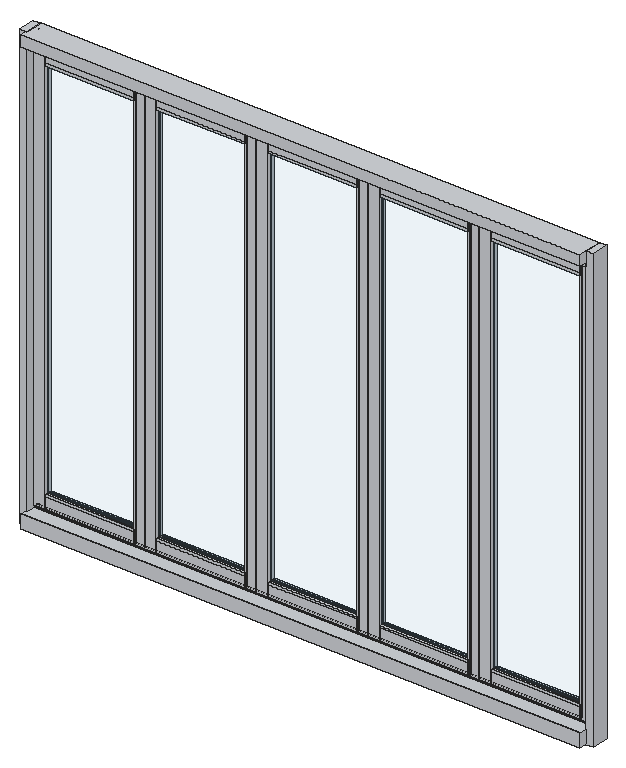
Revit family "MT-HB_BIFOLD DOOR_XXXXX", category Doors, host Wall, Revit 2017 (continued)
Definition of nested family "DETAIL_HB_DETAIL 7"
  Lines and regions (mm)
    model lines, in view "Ref. Level"
      curve 447: line (42.559, 37.45, 0) -> (44.006, 30.641, 0)
      curve 448: line (19.553, 37.45, 0) -> (18.106, 30.641, 0)
      curve 449: line (34.856, 21.45, 0) -> (34.856, 9.403, 0)
      curve 450: line (34.856, -10.897, 0) -> (34.856, -16.98, 0)
      curve 451: line (27.256, -16.98, 0) -> (27.256, -10.897, 0)
      curve 452: line (35.031, 9.352, 0) -> (27.256, 9.403, 0)
      curve 453: line (27.256, 9.403, 0) -> (27.256, 21.45, 0)
      curve 454: line (32.032, -10.748, 0) -> (31.813, -12.628, 0)
      curve 455: line (31.813, -12.628, 0) -> (31.994, -12.624, 0)
      curve 456: line (31.994, -12.624, 0) -> (32.212, -10.748, 0)
      curve 457: line (32.05, 21.752, 0) -> (32.05, 9.372, 0)
      curve 458: line (32.22, 21.752, 0) -> (32.22, 9.371, 0)
      curve 459: line (30.118, -12.624, 0) -> (30.299, -12.628, 0)
      curve 460: line (30.299, -12.628, 0) -> (31.813, -12.628, 0)
      curve 461: line (31.813, -12.628, 0) -> (31.63, -12.624, 0)
      curve 462: line (31.63, -12.624, 0) -> (28.924, -12.587, 0)
      curve 463: line (28.811, -12.587, 0) -> (30.118, -12.624, 0)
      curve 464: line (38.812, -10.897, 0) -> (33.922, -10.748, 0)
      curve 465: line (33.922, -10.748, 0) -> (33.308, -12.587, 0)
      curve 466: line (33.308, -12.587, 0) -> (31.994, -12.624, 0)
      curve 467: line (23.403, 31.51, 0) -> (27.535, 31.51, 0)
      curve 468: line (27.535, 31.51, 0) -> (27.535, 31.309, 0)
      curve 469: line (32.214, 31.51, 0) -> (32.781, 31.51, 0)
      curve 470: line (38.33, 9.403, 0) -> (33.969, 9.352, 0)
      curve 471: line (33.969, 9.352, 0) -> (33.969, 21.752, 0)
      curve 472: line (28.259, 21.752, 0) -> (28.259, 9.352, 0)
      curve 473: line (28.259, 9.352, 0) -> (28.142, 21.752, 0)
      curve 474: line (31.879, 9.352, 0) -> (31.879, 21.752, 0)
      curve 475: line (28.31, -10.748, 0) -> (28.924, -12.587, 0)
      curve 476: line (28.924, -12.587, 0) -> (28.197, -10.748, 0)
      curve 477: line (28.197, -10.748, 0) -> (23.35, -10.897, 0)
      curve 478: line (31.63, -12.624, 0) -> (31.849, -10.748, 0)
      curve 479: line (34.577, 31.309, 0) -> (34.577, 31.546, 0)
      curve 480: line (22.348, 36.69, 0) -> (21.666, 31.834, 0)
      curve 481: line (35.887, 36.506, 0) -> (36.536, 31.883, 0)
      curve 482: line (42.474, -39.499, 0) -> (44.68, -50.436, 0)
      curve 483: line (142.598, -63.901, 0) -> (144.21, -59.474, 0)
      curve 484: line (35.072, -22.85, 0) -> (38.023, -22.85, 0)
      curve 485: line (24.088, -22.85, 0) -> (27.039, -22.85, 0)
      curve 486: line (42.32, -39.248, 0) -> (42.005, -39.248, 0)
      curve 487: line (42.005, -39.248, 0) -> (20.111, -39.248, 0)
      curve 488: line (20.111, -39.248, 0) -> (19.911, -39.248, 0)
      curve 489: line (19.911, -39.248, 0) -> (19.76, -39.394, 0)
      curve 490: line (19.757, -39.499, 0) -> (30.627, -62.485, 0)
      curve 491: line (31.605, -39.499, 0) -> (31.251, -39.499, 0)
      curve 492: line (38.236, -22.938, 0) -> (38.546, -23.248, 0)
      curve 493: line (23.875, -22.938, 0) -> (23.565, -23.248, 0)
      curve 494: line (42.474, 38.099, 0) -> (44.68, 49.037, 0)
      curve 495: line (142.598, 62.502, 0) -> (144.21, 58.075, 0)
      curve 496: line (38.023, 21.45, 0) -> (33.969, 21.45, 0)
      curve 497: line (28.145, 21.45, 0) -> (24.088, 21.45, 0)
      curve 498: line (25.316, 37.848, 0) -> (20.045, 37.848, 0)
      curve 499: line (19.911, 37.848, 0) -> (19.76, 37.994, 0)
      curve 500: line (19.757, 38.099, 0) -> (30.627, 61.085, 0)
      curve 501: line (42.32, 37.848, 0) -> (42.07, 37.848, 0)
      curve 502: line (42.07, 37.848, 0) -> (32.722, 37.848, 0)
      curve 503: line (31.36, 38.099, 0) -> (31.605, 38.099, 0)
      curve 504: line (38.236, 21.539, 0) -> (38.45, 21.752, 0)
      curve 505: line (23.875, 21.539, 0) -> (23.661, 21.752, 0)
      curve 506: line (3.592, 9.252, 0) -> (5.081, 9.252, 0)
      curve 507: line (5.081, 9.252, 0) -> (43.579, 9.252, 0)
      curve 508: line (43.579, 9.252, 0) -> (45.829, 9.252, 0)
      curve 509: line (5.508, -9.175, 0) -> (4.581, -8.155, 0)
      curve 510: line (4.581, -8.248, 0) -> (4.581, 8.752, 0)
      curve 511: line (4.581, 8.752, 0) -> (4.556, -8.998, 0)
      curve 512: line (46.079, 9, 0) -> (45.921, -9, 0)
      curve 513: line (26.598, -8.765, 0) -> (26.072, 6.287, 0)
      curve 514: line (13.12, 6.287, 0) -> (12.594, -8.765, 0)
      curve 515: line (40.113, -10.748, 0) -> (40.137, -11.848, 0)
      curve 516: line (40.137, -11.848, 0) -> (41.747, -11.848, 0)
      curve 517: line (41.747, -11.848, 0) -> (44.634, -11.848, 0)
      curve 518: line (44.634, -11.848, 0) -> (45.164, -11.848, 0)
      curve 519: line (45.164, -11.848, 0) -> (45.188, -10.748, 0)
      curve 520: line (7.653, -10.748, 0) -> (7.677, -11.848, 0)
      curve 521: line (7.677, -11.848, 0) -> (9.037, -11.848, 0)
      curve 522: line (9.037, -11.848, 0) -> (11.924, -11.848, 0)
      curve 523: line (11.924, -11.848, 0) -> (11.948, -10.748, 0)
      curve 524: line (25.073, 7.252, 0) -> (14.119, 7.252, 0)
      curve 525: line (24.581, -10.897, 0) -> (24.581, -11.448, 0)
      curve 526: line (24.581, -11.448, 0) -> (25.704, -11.448, 0)
      curve 527: line (25.707, -11.648, 0) -> (27.256, -11.648, 0)
      curve 528: line (26.16, 3.752, 0) -> (25.99, 3.752, 0)
      curve 529: line (25.99, 3.752, 0) -> (26.162, 3.703, 0)
      curve 530: line (25.853, 6.471, 0) -> (25.846, 6.886, 0)
      curve 531: line (9.037, -11.848, 0) -> (9.013, -10.748, 0)
      curve 532: line (41.747, -11.848, 0) -> (41.723, -10.748, 0)
      curve 533: line (44.634, -11.848, 0) -> (44.658, -10.748, 0)
      curve 534: line (13.307, 6.187, 0) -> (12.835, -7.337, 0)
      curve 535: line (12.831, -7.448, 0) -> (12.924, -8.783, 0)
      curve 536: line (46.056, -8.748, 0) -> (46.056, -5.248, 0)
      curve 537: line (45.954, -5.248, 0) -> (46.056, -2.748, 0)
      curve 538: line (4.806, -10.748, 0) -> (43.556, -10.748, 0)
      curve 539: line (43.556, -10.748, 0) -> (46.056, -10.748, 0)
      curve 540: line (46.056, -10.748, 0) -> (46.056, -9.248, 0)
      curve 541: line (46.056, -9.248, 0) -> (43.556, -9.248, 0)
      curve 542: line (43.556, -9.248, 0) -> (4.806, -9.248, 0)
      curve 543: line (3.056, 8.752, 0) -> (4.556, 8.752, 0)
      curve 544: line (-0.101, 5.647, 0) -> (1.056, 5.672, 0)
      curve 545: line (1.056, -7.268, 0) -> (-9.42, -7.039, 0)
      curve 546: line (-9.665, -6.789, 0) -> (-9.665, -5.298, 0)
      curve 547: line (-9.46, -4.801, 0) -> (-10.15, -4.807, 0)
      curve 548: line (26.309, -0.497, 0) -> (26.138, -0.497, 0)
      curve 549: line (26.138, -0.497, 0) -> (26.309, -0.497, 0)
      curve 550: line (28.142, 9.403, 0) -> (23.831, 9.403, 0)
      curve 551: line (26.473, -5.197, 0) -> (26.302, -5.197, 0)
      curve 552: line (15.25, -11.009, 0) -> (16.932, -11.068, 0)
      curve 553: line (16.932, -11.068, 0) -> (18.614, -11.009, 0)
      curve 554: line (3.056, -12.748, 0) -> (3.056, 11.252, 0)
      curve 555: line (3.056, 11.252, 0) -> (1.056, 11.252, 0)
      curve 556: line (1.056, 11.252, 0) -> (1.056, -12.748, 0)
      curve 557: line (1.056, -12.748, 0) -> (3.056, -12.748, 0)
      curve 558: line (26.131, -7.448, 0) -> (13.081, -7.448, 0)
      curve 559: line (25.905, 6.187, 0) -> (26.381, -7.448, 0)
      curve 560: line (26.381, -7.448, 0) -> (26.287, -8.783, 0)
      curve 561: line (4.674, -8.783, 0) -> (4.641, -8.308, 0)
      curve 562: line (14.306, 7.152, 0) -> (24.905, 7.152, 0)
      curve 563: line (26.381, -7.448, 0) -> (26.131, -7.448, 0)
Types (4, lengths in mm): name | TOP PANEL POSITION | TOLERANCE | Rough Width | Rough Height | PANEL HEIGHT | OVERALL FRAME HEIGHT | Height | FRAME THICKNESS | DOUBLE GLAZED | DETAIL_DEPTH SILL | BOT PANEL POSITION | AIR POCKET | 5L/5R | 4L1R/1L4R | 3L2R/2L3R | 150mm FRAME THICKNESS | 101.6mm FRAME THICKNESS
  4L1R/1L4R | 1890.8 | 0 | 3500 | 2100 | 1906.8 | 2100 | 2100 | 76 | yes | 150 | 94.9 | 8 | no | yes | no | yes | no
  3L1R/1L3R | 2490.8 | 50 | 3600 | 2800 | 2506.8 | 2700 | 2700 | 76 | no | 150 | 94.9 | 8 | no | no | yes | yes | no
  5L/5R | 1966.1 | 0 | 3500 | 2100 | 1982.1 | 2100 | 2100 | 101.6 | no | 101.6 | 34.6 | 5 | yes | no | no | no | yes
  3L2R/2L3R | 2490.8 | 0 | 3500 | 2700 | 2506.8 | 2700 | 2700 | 76 | yes | 150 | 94.9 | 8 | no | no | yes | yes | no
